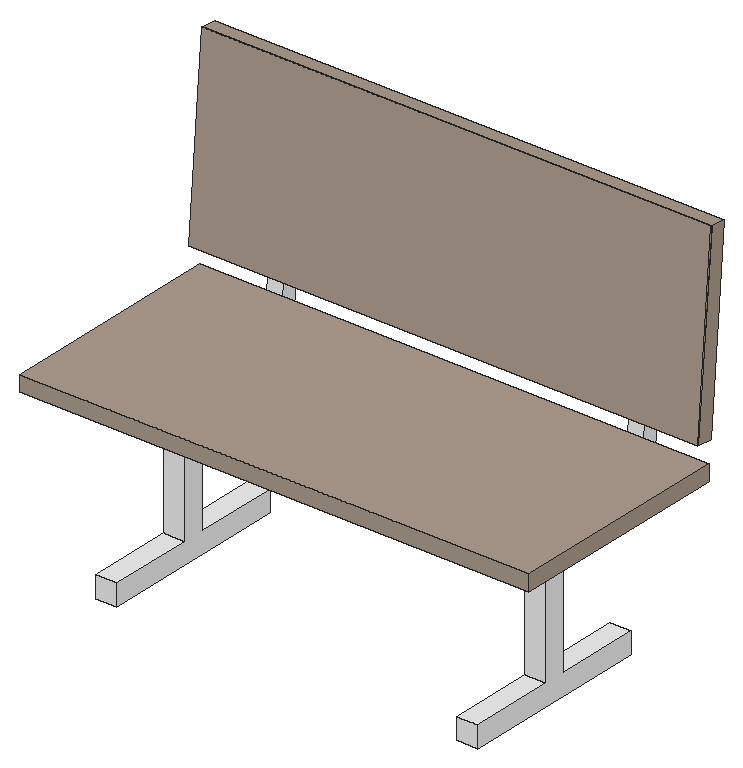
Revit family "dcfe050f-201b-408c-abb3-da413718dd8d", category Furniture, Revit 2016
Family settings
  OmniClass Number = 23.40.20.14.14.21
  OmniClass Title = Benches
  Work Plane-Based = Yes
  Always vertical = Yes
  Cut with Voids When Loaded = No
  Shared = No
  Room Calculation Point = No
Parameters (values of type "Parametric")
  Type Image = <None>
  Type Comments = ""
  Submittal URL = ""
  Specifications URL = ""
  Length Availability [instance] = "48In , 72In"  # constant formula
  Length = 48"
  Keynote = ""
  Depth = 24"  # constant formula
  CAD PDF URL = ""
  Brochure = ""
  Base = Metal - Hollman - Polished
  URL = "http://www.hollman.com/"
  Model = "Butcher Block ADA Bench"  # constant formula
  Manufacturer = "Hollman Inc"  # constant formula
  Bench Top = Wood - Hollman - Birch - Stained Dark Polished
  Height = 17 1/2"  # constant formula
  Description = "Butcher Block ADA Bench"  # constant formula
  Default Elevation = 0"
  Back Support = Wood - Hollman - Birch - Stained Dark
  Assembly Code = ""
Reference planes (in)
  plane 1 "Center (Front/Back)": y = 0
  plane 2: z = 0
  plane 3 "Center (Left/Right)": x = 0
  plane 4: y = 12
  plane 5: y = -12
  plane 6: x = -24
  plane 7: x = 24
  plane 8: z = 17.5
  plane 9: z = 2
  plane 10: y = 3
  plane 11: y = -3
  plane 12: x = -18.02351
  plane 13: x = -16.02351
  plane 14: x = 18.02351
  plane 15: x = 16.02351
  plane 16: z = 16
Dimensions and locks (in)
  equal spacing: plane 6, plane 3 "Center (Left/Right)", plane 7
  equal spacing: plane 4, plane 1 "Center (Front/Back)", plane 5
  "Length": plane 6 to plane 7
  "Depth": plane 4 to plane 5
  "Height": plane 8 to level
  locked: plane 9 to level at 2
  equal spacing: plane 10, plane 1 "Center (Front/Back)", plane 11
  plane 10 to plane 11 = 6"
  plane 13 to plane 12 to plane 6 = 2" locked, 5.97649" locked
  locked: plane 15 to plane 14 at 2
  plane 15 to plane 14 to plane 7 = 2", 5.97649"
  locked: plane 8 to plane 16 at 1.5
  aligned and locked: plane 2 to level
  aligned and locked: plane 3 "Center (Left/Right)" to nested 1
  aligned and locked: plane 1 "Center (Front/Back)" to nested 1
  aligned and locked: nested 1 to plane 2
Nested families (in)
  nested 1: "Butcher Bench-ADA" at (0, 0, 0), type "Parametric"
    with Length Availability "48In , 72In"
Definition of nested family "Butcher Bench-ADA"
  Parameters
    Submittal URL = ""
    Specifications URL = ""
    Length Availability [instance] = "48In , 72In"  # constant formula
    Length = 48"
    Depth = 21 3/16"  # constant formula
    CAD PDF URL = ""
    Brochure = ""
    Base = none
    URL = "http://www.hollman.com/"
    Model = "Butcher Block"  # constant formula
    Manufacturer = "Hollman"  # constant formula
    Bench Top = none
    Height = 17 1/2"  # constant formula
    Description = "Butcher Block"  # constant formula
    Default Elevation = 0"
    Back Support = none
  Reference planes (in)
    plane 1 "Center (Front/Back)": y = 0
    plane 2: z = 0
    plane 3 "Center (Left/Right)": x = 0
    plane 4: y = 10.59375
    plane 5: y = -10.59375
    plane 6: x = -24
    plane 7: x = 24
    plane 8: z = 17.5
    plane 9: z = 2
    plane 10: y = 3
    plane 11: y = -3
    plane 12: x = -18.02351
    plane 13: x = -16.02351
    plane 14: x = 18.02351
    plane 15: x = 16.02351
    plane 16: z = 16
  Forms (in)
    Sweep 1, solid, material <- "Base"
      path origin (-2, -10.1924, 48) x (1, 0, 0) y (0, 0, 1)
        loop
          line (-16.02351, -32.125) -> (-16.02351, -46)
      profile origin (-18.02351, -10.1924, 8.9375) x (0, 1, 0) y (-1, 0, 0)
        loop
          line (11.1924, 0) -> (9.1924, 0) -> (9.1924, -2) -> (11.1924, -2) -> (11.1924, 0)
    Sweep 2, solid, material <- "Base"
      path origin (-60, -180, 17.5) x (-1, 0, 0) y (0, -1, 0)
        loop
          line (-41.97649, -177) -> (-41.97649, -183)
      profile origin (-18.02351, 0, 17.5) x (-1, 0, 0) y (0, 0, 1)
        loop
          line (2, -1.5) -> (-4, -1.5) -> (-4, -1.625) -> (2, -1.625) -> (2, -1.5)
    Sweep 3, solid, material <- "Base"
      path origin (-60, -180, 17.5) x (-1, 0, 0) y (0, -1, 0)
        loop
          line (-78.02351, -183) -> (-78.02351, -177)
      profile origin (18.02351, 0, 17.5) x (1, 0, 0) y (0, 0, 1)
        loop
          line (-4, -1.5) -> (-4, -1.625) -> (2, -1.625) -> (2, -1.5) -> (-4, -1.5)
    Sweep 4, solid, material <- "Base"
      path origin (-2, -10.1924, 48) x (1, 0, 0) y (0, 0, 1)
        loop
          line (20.02351, -32.125) -> (20.02351, -46)
      profile origin (18.02351, -10.1924, 8.9375) x (0, 1, 0) y (-1, 0, 0)
        loop
          line (11.1924, 2) -> (9.1924, 2) -> (9.1924, 0) -> (11.1924, 0) -> (11.1924, 2)
    Sweep 5, solid, material <- "Base"
      path origin (0, 0, 0) x (0, 1, 0) y (0, 0, 1)
        loop
          line (9, 2) -> (-9, 2)
      profile origin (0, 0, 2) x (0, 0, -1) y (1, 0, 0)
        loop
          line (0, -18.02351) -> (2, -18.02351) -> (2, -16.02351) -> (0, -16.02351) -> (0, -18.02351)
        loop
          line (0, 18.02351) -> (0, 16.02351) -> (2, 16.02351) -> (2, 18.02351) -> (0, 18.02351)
    Extrusion 6, solid, material <- "Base"
      sketch origin (-2, -10.1924, 48) x (1, 0, 0) y (0, 0, -1)
        loop
          line (-6.88713, 32) -> (-3.88713, 32) -> (-3.88713, 33.875) -> (-4.63713, 37.875) -> (-6.13713, 37.875) -> (-6.88713, 33.875) -> (-6.88713, 32)
        loop
          circle (-6.22962, 32.92052) r 0.25556
        loop
          circle (-4.54251, 32.92052) r 0.25556
        loop
          circle (-5.46275, 36.39443) r 0.25556
      from 20.66115 to 20.78615
    Extrusion 7, solid, material <- "Base"
      sketch origin (0, 0, 0) x (0, 1, 0) y (0, 0, 1)
        loop
          line (10.46875, 16) -> (7.44227, 16) -> (7.44227, 15.875) -> (10.46875, 15.875) -> (10.46875, 16)
      from -8.88713 to -5.88713
    Extrusion 8, solid, material <- "Base"
      sketch origin (2, -11.1924, 48) x (-1, 0, 0) y (0, 0, 1)
        loop
          line (-6.88713, -32) -> (-6.88713, -33.875) -> (-6.13713, -37.875) -> (-4.63713, -37.875) -> (-3.88713, -33.875) -> (-3.88713, -32) -> (-6.88713, -32)
        loop
          circle (-6.22962, -32.92052) r 0.25556
        loop
          circle (-4.54251, -32.92052) r 0.25556
        loop
          circle (-5.46275, -36.39443) r 0.25556
      from 21.66115 to 21.78615
    Extrusion 9, solid, material <- "Base"
      sketch origin (0, 0, 0) x (0, 1, 0) y (0, 0, -1)
        loop
          line (10.46875, -16) -> (10.46875, -15.875) -> (7.44227, -15.875) -> (7.44227, -16) -> (10.46875, -16)
      from -8.88713 to -5.88713
    Sweep 10, solid, material <- "Base"
      path origin (0, 0, 0) x (1, 0, 0) y (0, 0, 1)
        loop
          line (16.27351, 18.25) -> (17.77351, 18.25)
      profile origin (17.02351, 0, 18.25) x (0, 0, 1) y (0, -1, 0)
        loop
          line (-3.7779, -3.57901) -> (-3.77741, -11.97004) -> (10.0438, -13.17924) -> (10.16364, -11.80947) -> (-2.4029, -10.71004) -> (-2.4029, -3.57901) -> (-3.7779, -3.57901)
    Sweep 11, solid, material <- "Back Support"
      path origin (0, 0, 0) x (1, 0, 0) y (0, 1, 0)
        loop
          line (-24, 0) -> (24, 0)
      profile origin (0, 0, 0) x (0, 1, 0) y (0, 0, 1)
        loop
          line (10.8988, 19.45879) -> (12.4676, 37.32779) -> (11.01222, 37.45512) -> (9.44342, 19.58612) -> (10.8988, 19.45879)
    Sweep 12, solid, material <- "Base"
      path origin (0, 0, 0) x (-1, 0, 0) y (0, 0, 1)
        loop
          line (16.27351, 18.25) -> (17.77351, 18.25)
      profile origin (-17.02351, 0, 18.25) x (0, 0, -1) y (0, -1, 0)
        loop
          line (3.7779, -3.57901) -> (2.4029, -3.57901) -> (2.4029, -10.71004) -> (-10.16364, -11.80947) -> (-10.0438, -13.17924) -> (3.77741, -11.97004) -> (3.7779, -3.57901)
    Sweep 13, solid, material <- "Bench Top"
      path origin (-21.88235, -184.5, 17.5) x (-1, 0, 0) y (0, -1, 0)
        loop
          line (2.11765, -184.5) -> (-45.88235, -184.5)
      profile origin (0, 0, 17.5) x (0, 1, 0) y (0, 0, 1)
        loop
          line (10.68925, 0) -> (-10.5, 0) -> (-10.5, -1.5) -> (10.68925, -1.5) -> (10.68925, 0)
    Extrusion 14, solid, material <- "Bench Top"
      sketch origin (0, 0, 0) x (0, 1, 0) y (0, 0, 1)
        loop
          line (9.4045, 19.58952) -> (9.44342, 19.58612) -> (11.01222, 37.45512) -> (10.97331, 37.45852) -> (9.4045, 19.58952)
      from -24 to 24
  Cuts and joins
    joined: Sweep 1, Sweep 2, Sweep 3, Sweep 4, Sweep 5
    joined: Extrusion 6, Extrusion 7, Extrusion 8, Extrusion 9
  Lines and regions (in)
    symbolic lines
      curve 1: line (-24, 10.59375, 17.5) -> (24, 10.59375, 17.5)
      curve 2: line (-24, -10.59375, 17.5) -> (-24, 10.59375, 17.5)
      curve 3: line (24, -10.59375, 17.5) -> (-24, -10.59375, 17.5)
      curve 4: line (24, 10.59375, 17.5) -> (24, -10.59375, 17.5)
  Dimensions and locks (in)
    equal spacing: plane 6, plane 3 "Center (Left/Right)", plane 7
    equal spacing: plane 4, plane 1 "Center (Front/Back)", plane 5
    "Length": plane 6 to plane 7
    "Depth": plane 4 to plane 5
    "Height": plane 8 to level
    locked: plane 9 to level at 2
    equal spacing: plane 10, plane 1 "Center (Front/Back)", plane 11
    plane 10 to plane 11 = 6"
    plane 13 to plane 12 to plane 6 = 2" locked, 5.97649" locked
    locked: plane 15 to plane 14 at 2
    plane 15 to plane 14 to plane 7 = 2", 5.97649"
    locked: plane 8 to Sweep 1 sketch curve at 1.625
    locked: Sweep 1 sketch curve to Sweep 1 sketch curve at 2  (x2)
    equal spacing: Sweep 1 sketch curve, plane 1 "Center (Front/Back)", Sweep 1 sketch curve
    locked: Sweep 2 sketch curve to Sweep 2 sketch curve at 0.125
    locked: Sweep 2 sketch curve to Sweep 2 sketch curve at 6
    locked: Sweep 2 sketch curve to plane 12 at 2
    locked: Sweep 3 sketch curve to Sweep 3 sketch curve at 0.125
    locked: Sweep 3 sketch curve to Sweep 3 sketch curve at 6
    locked: Sweep 3 sketch curve to plane 14 at 2
    locked: plane 8 to Sweep 4 sketch curve at 1.625
    locked: Sweep 4 sketch curve to Sweep 4 sketch curve at 2  (x2)
    equal spacing: Sweep 4 sketch curve, plane 1 "Center (Front/Back)", Sweep 4 sketch curve
    Sweep 5 sketch curve to plane 1 "Center (Front/Back)" to Sweep 5 sketch curve = 9", 9"
    plane 13 to Extrusion 6 sketch curve to Extrusion 6 sketch curve to Extrusion 6 sketch curve to Extrusion 6 sketch curve to Extrusion 6 sketch curve = 7.13638" locked, 0.65751" locked, 0.76687" locked, 0.92024" locked, 0.65538" locked
    locked: Extrusion 6 to Extrusion 6 at 0.125
    locked: plane 4 to Extrusion 7 sketch curve at 3.15148
    locked: Extrusion 8 to Extrusion 8 at 0.125
    plane 15 to Extrusion 8 sketch curve to Extrusion 8 sketch curve to Extrusion 8 sketch curve to Extrusion 8 sketch curve to Extrusion 8 sketch curve = 7.13638" locked, 0.65751" locked, 0.76687" locked, 0.92024" locked, 0.65538" locked
    locked: plane 8 to plane 16 at 1.5
    aligned and locked: plane 2 to level
    aligned and locked: plane 9 to Sweep 1 sketch curve
    aligned and locked: plane 12 to Sweep 1 sketch curve
    aligned and locked: Sweep 1 sketch curve to plane 12
    aligned and locked: plane 10 to Sweep 2 sketch curve
    aligned and locked: plane 11 to Sweep 2 sketch curve
    aligned and locked: Sweep 2 sketch curve to plane 12
    aligned and locked: plane 10 to Sweep 3 sketch curve
    aligned and locked: plane 11 to Sweep 3 sketch curve
    aligned and locked: Sweep 3 sketch curve to plane 14
    aligned and locked: plane 9 to Sweep 4 sketch curve
    aligned and locked: Sweep 4 sketch curve to plane 14
    aligned and locked: plane 15 to Sweep 4 sketch curve
    aligned and locked: plane 9 to Sweep 5 sketch curve  (x2)
    aligned and locked: plane 2 to Sweep 5 sketch curve
    aligned and locked: Sweep 5 sketch curve to plane 12
    aligned and locked: plane 13 to Sweep 5 sketch curve
    aligned and locked: Sweep 5 sketch curve to plane 2
    aligned and locked: Sweep 5 sketch curve to plane 15
    aligned and locked: Sweep 5 sketch curve to plane 9
    aligned and locked: plane 14 to Sweep 5 sketch curve
    aligned and locked: plane 4 to Extrusion 6
    aligned and locked: Extrusion 6 to Extrusion 7 sketch curve
    aligned and locked: Extrusion 6 to Extrusion 7
    aligned and locked: Extrusion 7 to Extrusion 6
    aligned and locked: Extrusion 8 to Extrusion 9
    aligned and locked: Extrusion 9 to Extrusion 8
    aligned and locked: plane 4 to cut or joined group of Extrusion 6, Extrusion 7, Extrusion 8, Extrusion 9
    aligned and locked: cut or joined group of Extrusion 6, Extrusion 7, Extrusion 8, Extrusion 9 to cut or joined group of Extrusion 6, Extrusion 7, Extrusion 8, Extrusion 9  (x2)
    aligned and locked: curve 1 to plane 4
    aligned and locked: plane 7 to curve 4
    aligned and locked: curve 3 to plane 5
    aligned and locked: plane 6 to curve 2
    aligned and locked: plane 1 "Center (Front/Back)" to Sweep 11 sketch curve
    aligned and locked: plane 6 to Sweep 13 sketch curve
    aligned and locked: plane 7 to Sweep 13 sketch curve
    aligned and locked: plane 1 "Center (Front/Back)" to Sweep 13 sketch curve
    aligned and locked: Extrusion 14 to Sweep 11
    aligned and locked: Sweep 11 to Extrusion 14
  Automatic sketch dimensions
    Sweep 2 sketch curve to plane 8 = 1 5/8"
    Sweep 3 sketch curve to plane 8 = 1 5/8"
    Extrusion 6 sketch curve to plane 16 = 0"
    Extrusion 6 sketch curve to Extrusion 6 sketch curve = 0.67438"
    Extrusion 6 sketch curve to Extrusion 6 sketch curve = 1 1/2"
    Extrusion 6 sketch curve to plane 16 = 0.92052"  (x2)
    Extrusion 6 sketch curve to Extrusion 6 sketch curve = 0.95448"  (x2)
    Extrusion 6 sketch curve to Extrusion 6 sketch curve = 2.51943"
    Extrusion 6 sketch curve to Extrusion 6 sketch curve = 1.48057"
    plane 16 to Extrusion 7 sketch curve = 0"
    Extrusion 7 sketch curve to Extrusion 7 sketch curve = 1/8"
    Extrusion 8 sketch curve to plane 16 = 0"
    Extrusion 8 sketch curve to Extrusion 8 sketch curve = 0.67438"
    Extrusion 8 sketch curve to Extrusion 8 sketch curve = 1 1/2"
    plane 16 to Extrusion 8 sketch curve = 0.92052"  (x2)
    Extrusion 8 sketch curve to Extrusion 8 sketch curve = 0.95448"  (x2)
    Extrusion 8 sketch curve to Extrusion 8 sketch curve = 2.51943"
    Extrusion 8 sketch curve to Extrusion 8 sketch curve = 1.48057"
    plane 16 to Extrusion 9 sketch curve = 0"
    Extrusion 9 sketch curve to plane 4 = 3.15148"
    Extrusion 9 sketch curve to plane 4 = 1/8"
    plane 16 to Extrusion 9 sketch curve = 1/8"
    plane 15 to Sweep 10 sketch curve = 1/4"
    Sweep 10 sketch curve to plane 14 = 1/4"
    plane 8 to Sweep 10 sketch curve = 3/4"
    profile plane to Sweep 10 sketch curve = 3.7779"
    profile plane to Sweep 10 sketch curve = 3.77741"
    Sweep 10 sketch curve to Sweep 10 sketch curve = 1.37452"
    Sweep 10 sketch curve to profile plane = 10.0438"
    Sweep 10 sketch curve to Sweep 10 sketch curve = 0.11984"
    Sweep 10 sketch curve to plane 1 "Center (Front/Back)" = 13.17924"
    Sweep 10 sketch curve to plane 1 "Center (Front/Back)" = 11.97004"
    Sweep 10 sketch curve to plane 1 "Center (Front/Back)" = 3.57901"
    Sweep 11 sketch curve to profile plane = 9.44342"
    Sweep 11 sketch curve to profile plane = 11.01222"
    level to Sweep 11 sketch curve = 19.45879"
    Sweep 11 sketch curve to Sweep 11 sketch curve = 17.869"
    Sweep 11 sketch curve to Sweep 11 sketch curve = 0.12733"  (x2)
    Sweep 12 sketch curve to plane 13 = 1/4"
    plane 12 to Sweep 12 sketch curve = 1/4"
    Sweep 12 sketch curve to plane 8 = 3/4"
    profile plane to Sweep 12 sketch curve = 10.16364"
    Sweep 12 sketch curve to Sweep 12 sketch curve = 0.11984"
    Sweep 12 sketch curve to profile plane = 2.4029"
    Sweep 12 sketch curve to Sweep 12 sketch curve = 1.37452"
    Sweep 12 sketch curve to Sweep 12 sketch curve = 1 3/8"
    Sweep 12 sketch curve to plane 1 "Center (Front/Back)" = 13.17924"
    Sweep 12 sketch curve to plane 1 "Center (Front/Back)" = 11.97004"
    Sweep 12 sketch curve to plane 1 "Center (Front/Back)" = 3.57901"
    Sweep 13 sketch curve to profile plane = 0"
    profile plane to Sweep 13 sketch curve = 10 1/2"
    Sweep 13 sketch curve to profile plane = 1 1/2"
    Sweep 13 sketch curve to profile plane = 10.68925"
    Sweep 11 sketch curve to plane 6 = 0"
    Sweep 11 sketch curve to plane 7 = 0"
    Extrusion 14 sketch curve to plane 4 = 1.18925"
    Extrusion 14 sketch curve to plane 4 = 1.15033"
    plane 4 to Extrusion 14 sketch curve = 0.37956"
    plane 8 to Extrusion 14 sketch curve = 2.08612"
    Extrusion 14 sketch curve to Extrusion 14 sketch curve = 0.03891"
    Extrusion 14 sketch curve to Extrusion 14 sketch curve = 0.0034"  (x2)
    Extrusion 14 sketch curve to Extrusion 14 sketch curve = 17.869"
    Sweep 11 sketch curve to Sweep 11 sketch curve = 1.45538"  (x2)
    radius of Extrusion 6 sketch curve = 0.25556"  (x3)
    radius of Extrusion 8 sketch curve = 0.25556"  (x3)
